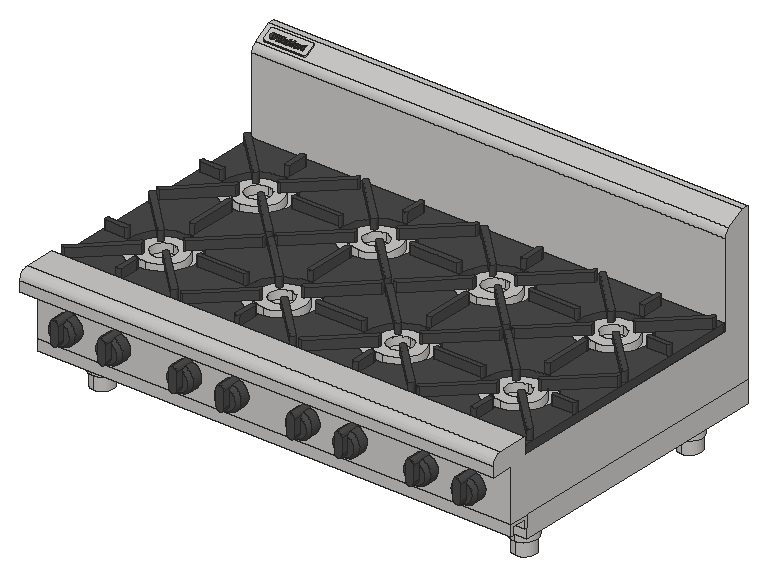
Revit family "QF_MOFFAT WALDORF_RN8800G-B", category Specialty Equipment, Revit 2012 (continued)
Lines and regions (mm)
  symbolic lines
    curve 68: arc (150, -180.5, 0) -> (93, -237.5, 0) -> (150, -294.5, 0) r 57
    curve 69: arc (450, -321.582, 0) -> (365.918, -237.5, 0) -> (450, -153.418, 0) r 84.082
    curve 70: arc (450, -153.418, 0) -> (534.082, -237.5, 0) -> (450, -321.582, 0) r 84.082
    curve 71: arc (450, -180.5, 0) -> (393, -237.5, 0) -> (450, -294.5, 0) r 57
    curve 72: arc (450, -294.5, 0) -> (507, -237.5, 0) -> (450, -180.5, 0) r 57
    curve 73: arc (450, -621.582, 0) -> (365.918, -537.5, 0) -> (450, -453.418, 0) r 84.082
    curve 74: arc (450, -453.418, 0) -> (534.082, -537.5, 0) -> (450, -621.582, 0) r 84.082
    curve 75: arc (450, -480.5, 0) -> (393, -537.5, 0) -> (450, -594.5, 0) r 57
    curve 76: arc (450, -594.5, 0) -> (507, -537.5, 0) -> (450, -480.5, 0) r 57
    curve 77: arc (150, -453.418, 0) -> (234.082, -537.5, 0) -> (150, -621.582, 0) r 84.082
    curve 78: arc (150, -621.582, 0) -> (65.918, -537.5, 0) -> (150, -453.418, 0) r 84.082
    curve 79: arc (150, -594.5, 0) -> (207, -537.5, 0) -> (150, -480.5, 0) r 57
    curve 80: arc (150, -480.5, 0) -> (93, -537.5, 0) -> (150, -594.5, 0) r 57
    curve 81: arc (750, -153.418, 0) -> (834.082, -237.5, 0) -> (750, -321.582, 0) r 84.082
    curve 82: arc (750, -321.582, 0) -> (665.918, -237.5, 0) -> (750, -153.418, 0) r 84.082
    curve 83: arc (750, -294.5, 0) -> (807, -237.5, 0) -> (750, -180.5, 0) r 57
    curve 84: arc (750, -180.5, 0) -> (693, -237.5, 0) -> (750, -294.5, 0) r 57
    curve 85: arc (750, -453.418, 0) -> (834.082, -537.5, 0) -> (750, -621.582, 0) r 84.082
    curve 86: arc (750, -621.582, 0) -> (665.918, -537.5, 0) -> (750, -453.418, 0) r 84.082
    curve 87: arc (750, -594.5, 0) -> (807, -537.5, 0) -> (750, -480.5, 0) r 57
    curve 88: arc (750, -480.5, 0) -> (693, -537.5, 0) -> (750, -594.5, 0) r 57
    curve 89: arc (1050, -321.582, 0) -> (965.918, -237.5, 0) -> (1050, -153.418, 0) r 84.082
    curve 90: arc (1050, -153.418, 0) -> (1134.082, -237.5, 0) -> (1050, -321.582, 0) r 84.082
    curve 91: arc (1050, -294.5, 0) -> (1107, -237.5, 0) -> (1050, -180.5, 0) r 57
    curve 92: arc (1050, -180.5, 0) -> (993, -237.5, 0) -> (1050, -294.5, 0) r 57
    curve 93: arc (1050, -621.582, 0) -> (965.918, -537.5, 0) -> (1050, -453.418, 0) r 84.082
    curve 94: arc (1050, -453.418, 0) -> (1134.082, -537.5, 0) -> (1050, -621.582, 0) r 84.082
    curve 95: arc (1050, -480.5, 0) -> (993, -537.5, 0) -> (1050, -594.5, 0) r 57
    curve 96: arc (1050, -594.5, 0) -> (1107, -537.5, 0) -> (1050, -480.5, 0) r 57
    curve 97: line (149.548, -91.559, 0) -> (149.548, -150.474, 0)
    curve 98: line (292.985, -93.673, 0) -> (177.661, -208.996, 0)
    curve 99: line (6.308, -93.805, 0) -> (122.981, -210.478, 0)
    curve 100: line (4.051, -237.21, 0) -> (62.934, -237.21, 0)
    curve 101: line (237.206, -237.685, 0) -> (362.206, -237.685, 0)
    curve 102: line (177.414, -264.855, 0) -> (292.362, -379.803, 0)
    curve 103: line (121.919, -265.123, 0) -> (7.026, -380.016, 0)
    curve 104: line (149.925, -324.847, 0) -> (149.925, -444.847, 0)
    curve 105: line (149.548, -683.441, 0) -> (149.548, -624.526, 0)
    curve 106: line (292.985, -681.327, 0) -> (177.661, -566.004, 0)
    curve 107: line (6.308, -681.195, 0) -> (122.981, -564.522, 0)
    curve 108: line (4.051, -537.79, 0) -> (62.934, -537.79, 0)
    curve 109: line (237.206, -537.315, 0) -> (362.206, -537.315, 0)
    curve 110: line (177.414, -510.145, 0) -> (292.362, -395.197, 0)
    curve 111: line (121.919, -509.877, 0) -> (7.026, -394.984, 0)
    curve 112: line (450.452, -91.559, 0) -> (450.452, -150.474, 0)
    curve 113: line (307.015, -93.673, 0) -> (422.339, -208.996, 0)
    curve 114: line (593.692, -93.805, 0) -> (477.019, -210.478, 0)
    curve 115: line (422.586, -264.855, 0) -> (307.638, -379.803, 0)
    curve 116: line (478.081, -265.123, 0) -> (592.974, -380.016, 0)
    curve 117: line (450.075, -324.847, 0) -> (450.075, -444.847, 0)
    curve 118: line (450.452, -683.441, 0) -> (450.452, -624.526, 0)
    curve 119: line (307.015, -681.327, 0) -> (422.339, -566.004, 0)
    curve 120: line (593.692, -681.195, 0) -> (477.019, -564.522, 0)
    curve 121: line (362.794, -537.315, 0) -> (237.794, -537.315, 0)
    curve 122: line (422.586, -510.145, 0) -> (307.638, -395.197, 0)
    curve 123: line (478.081, -509.877, 0) -> (592.974, -394.984, 0)
    curve 124: arc (1050, -153.418, 0) -> (965.918, -237.5, 0) -> (1050, -321.582, 0) r 84.082
    curve 125: arc (1050, -321.582, 0) -> (1134.082, -237.5, 0) -> (1050, -153.418, 0) r 84.082
    curve 126: arc (1050, -294.5, 0) -> (993, -237.5, 0) -> (1050, -180.5, 0) r 57
    curve 127: arc (1050, -180.5, 0) -> (1107, -237.5, 0) -> (1050, -294.5, 0) r 57
    curve 128: arc (750, -321.582, 0) -> (834.082, -237.5, 0) -> (750, -153.418, 0) r 84.082
    curve 129: arc (750, -153.418, 0) -> (665.918, -237.5, 0) -> (750, -321.582, 0) r 84.082
    curve 130: arc (750, -180.5, 0) -> (807, -237.5, 0) -> (750, -294.5, 0) r 57
    curve 131: arc (750, -294.5, 0) -> (693, -237.5, 0) -> (750, -180.5, 0) r 57
    curve 132: arc (750, -621.582, 0) -> (834.082, -537.5, 0) -> (750, -453.418, 0) r 84.082
    curve 133: arc (750, -453.418, 0) -> (665.918, -537.5, 0) -> (750, -621.582, 0) r 84.082
    curve 134: arc (750, -480.5, 0) -> (807, -537.5, 0) -> (750, -594.5, 0) r 57
    curve 135: arc (750, -594.5, 0) -> (693, -537.5, 0) -> (750, -480.5, 0) r 57
    curve 136: arc (1050, -453.418, 0) -> (965.918, -537.5, 0) -> (1050, -621.582, 0) r 84.082
    curve 137: arc (1050, -621.582, 0) -> (1134.082, -537.5, 0) -> (1050, -453.418, 0) r 84.082
    curve 138: arc (1050, -594.5, 0) -> (993, -537.5, 0) -> (1050, -480.5, 0) r 57
    curve 139: arc (1050, -480.5, 0) -> (1107, -537.5, 0) -> (1050, -594.5, 0) r 57
    curve 140: line (1050.452, -91.559, 0) -> (1050.452, -150.474, 0)
    curve 141: line (907.015, -93.673, 0) -> (1022.339, -208.996, 0)
    curve 142: line (1195.949, -237.21, 0) -> (1137.066, -237.21, 0)
    curve 143: line (962.794, -237.685, 0) -> (837.794, -237.685, 0)
    curve 144: line (1022.586, -264.855, 0) -> (907.638, -379.803, 0)
    curve 145: line (1078.081, -265.123, 0) -> (1192.974, -380.016, 0)
    curve 146: line (1050.075, -324.847, 0) -> (1050.075, -444.847, 0)
    curve 147: line (1050.452, -683.441, 0) -> (1050.452, -624.526, 0)
    curve 148: line (907.015, -681.327, 0) -> (1022.339, -566.004, 0)
    curve 149: line (1193.692, -681.195, 0) -> (1077.019, -564.522, 0)
    curve 150: line (1195.949, -537.79, 0) -> (1137.066, -537.79, 0)
    curve 151: line (962.794, -537.315, 0) -> (837.794, -537.315, 0)
    curve 152: line (1022.586, -510.145, 0) -> (907.638, -395.197, 0)
    curve 153: line (1078.081, -509.877, 0) -> (1192.974, -394.984, 0)
    curve 154: line (749.548, -91.559, 0) -> (749.548, -150.474, 0)
    curve 155: line (892.985, -93.673, 0) -> (777.661, -208.996, 0)
    curve 156: line (606.308, -93.805, 0) -> (722.981, -210.478, 0)
    curve 157: line (777.414, -264.855, 0) -> (892.362, -379.803, 0)
    curve 158: line (721.919, -265.123, 0) -> (607.026, -380.016, 0)
    curve 159: line (749.925, -324.847, 0) -> (749.925, -444.847, 0)
    curve 160: line (749.548, -683.441, 0) -> (749.548, -624.526, 0)
    curve 161: line (892.985, -681.327, 0) -> (777.661, -566.004, 0)
    curve 162: line (606.308, -681.195, 0) -> (722.981, -564.522, 0)
    curve 163: line (837.206, -537.315, 0) -> (962.206, -537.315, 0)
    curve 164: line (777.414, -510.145, 0) -> (892.362, -395.197, 0)
    curve 165: line (721.919, -509.877, 0) -> (607.026, -394.984, 0)
    curve 166: line (1192.985, -93.673, 0) -> (1077.661, -208.996, 0)
    curve 167: line (537.5, -237.685, 0) -> (662.5, -237.685, 0)
    curve 168: line (663.089, -537.315, 0) -> (538.089, -537.315, 0)
    curve 169: line (0, -387.5, 0) -> (1200, -387.5, 0)
    curve 170: line (300.379, -70, 0) -> (300.379, -705, 0)
    curve 171: line (600, -70, 0) -> (600, -705, 0)
    curve 172: line (900, -70, 0) -> (900, -705, 0)
    curve 173: line (1200, -805, 0) -> (1200, 0, 0)
    curve 174: line (0, -805, 0) -> (1200, -805, 0)
    curve 175: line (0, 0, 0) -> (0, -805, 0)
    curve 176: line (1200, -705, 0) -> (0, -705, 0)
    curve 177: line (0, -70, 0) -> (1200, -70, 0)
    curve 178: line (1200, 0, 0) -> (0, 0, 0)
    curve 179: arc (150, -207.5, 0) -> (180, -237.5, 0) -> (150, -267.5, 0) r 30
    curve 180: arc (150, -267.5, 0) -> (120, -237.5, 0) -> (150, -207.5, 0) r 30
    curve 181: arc (450, -207.5, 0) -> (480, -237.5, 0) -> (450, -267.5, 0) r 30
    curve 182: arc (450, -267.5, 0) -> (420, -237.5, 0) -> (450, -207.5, 0) r 30
    curve 183: arc (750, -207.5, 0) -> (780, -237.5, 0) -> (750, -267.5, 0) r 30
    curve 184: arc (750, -267.5, 0) -> (720, -237.5, 0) -> (750, -207.5, 0) r 30
    curve 185: arc (1050, -207.5, 0) -> (1080, -237.5, 0) -> (1050, -267.5, 0) r 30
    curve 186: arc (1050, -267.5, 0) -> (1020, -237.5, 0) -> (1050, -207.5, 0) r 30
    curve 187: arc (1050, -567.5, 0) -> (1020, -537.5, 0) -> (1050, -507.5, 0) r 30
    curve 188: arc (1050, -507.5, 0) -> (1080, -537.5, 0) -> (1050, -567.5, 0) r 30
    curve 189: arc (750, -507.5, 0) -> (780, -537.5, 0) -> (750, -567.5, 0) r 30
    curve 190: arc (750, -567.5, 0) -> (720, -537.5, 0) -> (750, -507.5, 0) r 30
    curve 191: arc (450, -507.5, 0) -> (480, -537.5, 0) -> (450, -567.5, 0) r 30
    curve 192: arc (450, -567.5, 0) -> (420, -537.5, 0) -> (450, -507.5, 0) r 30
    curve 193: arc (150, -507.5, 0) -> (180, -537.5, 0) -> (150, -567.5, 0) r 30
    curve 194: arc (150, -567.5, 0) -> (120, -537.5, 0) -> (150, -507.5, 0) r 30
Dimensions and locks
  equal spacing: plane 3 "LEFT", plane 7 "Center Y", plane 4 "RIGHT"
  plane 3 "LEFT" to plane 4 "RIGHT" = 1200.0 mm
  equal spacing: plane 5 "FRONT", plane 8 "Center X", plane 1 "BACK"
  plane 5 "FRONT" to plane 1 "BACK" = 805.0 mm
  "Base Height": plane 9 "Base Height" to level
  locked: plane 6 "TOP" to plane 9 "Base Height" at 450
  plane 6 "TOP" to level = 530.0 mm
  Extrusion 9 sketch curve to plane 10 = 64.8 mm
  level to Extrusion 6 = 55.0 mm
  locked: Extrusion 6 to plane 9 "Base Height" at 25
  Revolve 15 sketch curve to Revolve 15 sketch curve to Revolve 17 to cut or joined group of Revolve 13, Extrusion 14 = 11.0 mm locked, 23.0 mm locked, 10.0 mm locked
  plane 11 to plane 12 = 1069.0 mm
  aligned and locked: level to plane 2
  aligned and locked: plane 9 "Base Height" to Extrusion 6
  aligned and locked: Revolve 3 sketch curve to plane 9 "Base Height"
  aligned and locked: Extrusion 1 to Revolve 15 sketch curve
Automatic sketch dimensions
  plane 1 "BACK" to Extrusion 6 sketch curve = 32.0 mm
  Extrusion 6 sketch curve to plane 11 = 64.0 mm
  curve 65 to curve 67 = 0.0 mm  (x2)
  curve 69 to curve 71 = 0.0 mm  (x2)
  curve 73 to curve 75 = 0.0 mm
  curve 74 to curve 76 = 0.0 mm
  curve 77 to curve 79 = 0.0 mm  (x2)
  curve 81 to curve 83 = 0.0 mm  (x2)
  curve 81 to curve 128 = 0.0 mm  (x3)
  curve 81 to curve 130 = 0.0 mm  (x2)
  curve 85 to curve 87 = 0.0 mm  (x2)
  curve 85 to curve 132 = 0.0 mm
  curve 85 to curve 134 = 0.0 mm  (x2)
  curve 86 to curve 133 = 0.0 mm
  curve 89 to curve 91 = 0.0 mm  (x2)
  curve 90 to curve 127 = 0.0 mm
  curve 91 to curve 126 = 0.0 mm  (x2)
  curve 93 to curve 95 = 0.0 mm  (x2)
  curve 94 to curve 136 = 0.0 mm
  curve 96 to curve 139 = 0.0 mm
  curve 125 to curve 127 = 0.0 mm  (x2)
  curve 137 to curve 139 = 0.0 mm  (x2)
  curve 171 to plane 7 "Center Y" = 0.0 mm
  curve 169 to plane 4 "RIGHT" = 0.0 mm
  plane 3 "LEFT" to curve 100 = 4.051 mm
  plane 3 "LEFT" to curve 108 = 4.051 mm
  plane 3 "LEFT" to curve 107 = 6.308 mm
  plane 3 "LEFT" to curve 99 = 6.308 mm
  plane 3 "LEFT" to curve 111 = 7.026 mm
  plane 3 "LEFT" to curve 103 = 7.026 mm
  plane 3 "LEFT" to curve 3 = 12.5 mm
  curve 100 to plane 12 = 2.066 mm
  curve 108 to plane 12 = 2.066 mm
  plane 12 to curve 4 = 56.5 mm
  plane 12 to curve 103 = 56.919 mm
  plane 12 to curve 111 = 56.919 mm
  curve 111 to curve 107 = 1.062 mm
  curve 103 to curve 99 = 1.062 mm
  curve 99 to curve 97 = 26.567 mm
  plane 12 to curve 105 = 84.548 mm
  curve 2 to curve 5 = 28.062 mm
  curve 103 to curve 104 = 28.006 mm
  curve 104 to curve 80 = 0.075 mm
  curve 104 to curve 68 = 0.075 mm
  curve 5 to curve 7 = 20.0 mm
  curve 65 to curve 102 = 27.414 mm
  curve 77 to curve 110 = 27.414 mm
  curve 67 to curve 98 = 27.661 mm
  curve 79 to curve 106 = 27.661 mm
  curve 6 to curve 9 = 40.0 mm
  curve 9 to curve 12 = 20.0 mm
  curve 102 to curve 101 = 59.792 mm
  curve 110 to curve 109 = 59.792 mm
  curve 109 to curve 121 = 0.589 mm  (x2)
  curve 10 to curve 13 = 40.0 mm
  curve 13 to curve 16 = 20.0 mm
  plane 8 "Center X" to curve 110 = 7.303 mm
  curve 104 to curve 110 = 142.437 mm
  plane 8 "Center X" to curve 102 = 22.697 mm
  curve 102 to curve 110 = 0.0 mm
  curve 105 to curve 106 = 143.437 mm
  plane 1 "BACK" to curve 98 = 93.673 mm
  curve 14 to curve 98 = 3.422 mm
  curve 14 to curve 170 = 10.817 mm
  curve 98 to curve 113 = 14.03 mm
  curve 106 to curve 119 = 14.03 mm
  plane 8 "Center X" to curve 122 = 7.303 mm
  curve 110 to curve 122 = 15.277 mm
  plane 8 "Center X" to curve 115 = 22.697 mm
  curve 102 to curve 115 = 15.277 mm
  curve 15 to curve 20 = 40.0 mm
  curve 17 to curve 19 = 20.0 mm
  curve 101 to curve 101 = 125.0 mm
  curve 121 to curve 109 = 124.411 mm
  curve 19 to curve 22 = 40.0 mm
  curve 21 to curve 23 = 20.0 mm
  curve 101 to curve 113 = 60.133 mm
  curve 121 to curve 119 = 59.544 mm
  curve 113 to curve 115 = 0.248 mm
  curve 119 to curve 122 = 0.248 mm
  curve 22 to curve 25 = 40.0 mm
  curve 122 to curve 73 = 27.414 mm
  curve 113 to curve 72 = 27.661 mm
  curve 74 to curve 117 = 0.075 mm
  curve 70 to curve 112 = 0.452 mm
  curve 73 to curve 118 = 0.452 mm
  curve 25 to curve 27 = 20.0 mm
  curve 73 to curve 120 = 27.019 mm
  curve 69 to curve 114 = 27.019 mm
  curve 73 to curve 123 = 28.081 mm
  curve 69 to curve 116 = 28.081 mm
  curve 26 to curve 30 = 40.0 mm
  curve 29 to curve 31 = 20.0 mm
  curve 167 to plane 7 "Center Y" = 62.5 mm
  curve 168 to plane 7 "Center Y" = 61.911 mm
  curve 33 to plane 7 "Center Y" = 30.437 mm
  curve 35 to plane 7 "Center Y" = 10.437 mm
  curve 123 to plane 7 "Center Y" = 7.026 mm
  curve 116 to plane 7 "Center Y" = 7.026 mm
  curve 120 to plane 7 "Center Y" = 6.308 mm
  curve 114 to plane 7 "Center Y" = 6.308 mm
  plane 7 "Center Y" to curve 156 = 6.308 mm
  plane 7 "Center Y" to curve 162 = 6.308 mm
  plane 7 "Center Y" to curve 165 = 7.026 mm
  plane 7 "Center Y" to curve 158 = 7.026 mm
  plane 7 "Center Y" to curve 37 = 29.563 mm
  curve 37 to curve 38 = 20.0 mm
  plane 7 "Center Y" to curve 167 = 62.5 mm
  plane 7 "Center Y" to curve 168 = 63.089 mm
  curve 38 to curve 41 = 40.0 mm
  curve 41 to curve 43 = 20.0 mm
  curve 167 to curve 158 = 59.419 mm
  curve 168 to curve 165 = 58.83 mm
  curve 158 to curve 156 = 1.062 mm
  curve 165 to curve 162 = 1.062 mm
  curve 162 to curve 160 = 26.567 mm
  curve 156 to curve 154 = 26.567 mm
  curve 43 to curve 45 = 40.0 mm
  curve 158 to curve 159 = 28.006 mm
  curve 159 to curve 128 = 0.075 mm
  curve 162 to curve 133 = 27.019 mm
  curve 45 to curve 47 = 20.0 mm
  curve 85 to curve 164 = 27.414 mm
  curve 81 to curve 157 = 27.414 mm
  curve 84 to curve 155 = 27.661 mm
  curve 134 to curve 161 = 27.661 mm
  curve 47 to curve 50 = 40.0 mm
  curve 49 to curve 51 = 20.0 mm
  curve 164 to curve 163 = 59.792 mm
  curve 163 to curve 151 = 0.589 mm  (x2)
  curve 157 to curve 143 = 60.381 mm
  curve 51 to curve 53 = 40.0 mm
  curve 53 to curve 55 = 20.0 mm
  plane 8 "Center X" to curve 164 = 7.303 mm
  curve 159 to curve 164 = 142.437 mm
  plane 8 "Center X" to curve 157 = 22.697 mm
  curve 157 to curve 164 = 0.0 mm
  curve 160 to curve 161 = 143.437 mm
  plane 1 "BACK" to curve 155 = 93.673 mm
  curve 54 to curve 155 = 3.422 mm
  curve 54 to curve 172 = 10.438 mm
  curve 161 to curve 148 = 14.03 mm
  plane 1 "BACK" to curve 141 = 93.673 mm
  curve 155 to curve 141 = 14.03 mm
  plane 8 "Center X" to curve 144 = 22.697 mm
  curve 157 to curve 144 = 15.277 mm
  plane 8 "Center X" to curve 152 = 7.303 mm
  curve 164 to curve 152 = 15.277 mm
  curve 55 to curve 58 = 40.0 mm
  curve 57 to curve 60 = 20.0 mm
  curve 151 to curve 163 = 124.411 mm
  curve 143 to curve 143 = 125.0 mm
  curve 59 to curve 62 = 40.0 mm
  curve 61 to curve 63 = 20.0 mm
  curve 143 to curve 141 = 59.544 mm
  curve 151 to curve 148 = 59.544 mm
  curve 148 to curve 152 = 0.248 mm
  curve 141 to curve 144 = 0.248 mm
  curve 148 to curve 139 = 27.661 mm
  curve 144 to curve 92 = 27.414 mm
  curve 125 to curve 146 = 0.075 mm
  curve 137 to curve 147 = 0.452 mm
  curve 62 to curve 140 = 40.89 mm
  curve 136 to curve 149 = 27.019 mm
  curve 126 to curve 166 = 27.661 mm
  curve 136 to curve 153 = 28.081 mm
  curve 124 to curve 145 = 28.081 mm
  plane 11 to curve 150 = 3.066 mm
  plane 11 to curve 142 = 3.066 mm
  plane 4 "RIGHT" to curve 145 = 7.026 mm
  plane 4 "RIGHT" to curve 153 = 7.026 mm
  plane 4 "RIGHT" to curve 166 = 7.015 mm
  plane 4 "RIGHT" to curve 149 = 6.308 mm
  plane 4 "RIGHT" to curve 150 = 4.051 mm
  plane 4 "RIGHT" to curve 142 = 4.051 mm
  curve 159 to plane 8 "Center X" = 42.347 mm
  curve 146 to plane 8 "Center X" = 42.347 mm
  curve 117 to plane 8 "Center X" = 42.347 mm
  curve 104 to plane 8 "Center X" = 42.347 mm
  curve 94 to curve 146 = 8.57 mm
  curve 73 to curve 117 = 8.57 mm
  curve 86 to curve 159 = 8.57 mm
  curve 137 to curve 94 = 0.0 mm
  curve 77 to curve 104 = 8.57 mm
  curve 133 to curve 86 = 0.0 mm
  curve 79 to curve 77 = 27.082 mm
  curve 96 to curve 93 = 27.082 mm
  curve 88 to curve 85 = 27.082 mm
  curve 75 to curve 73 = 27.082 mm
  curve 139 to curve 95 = 0.0 mm
  curve 135 to curve 87 = 0.0 mm
  curve 153 to curve 138 = 29.377 mm
  curve 123 to curve 75 = 29.377 mm
  curve 111 to curve 79 = 29.377 mm
  curve 165 to curve 134 = 29.377 mm
  curve 152 to curve 95 = 29.645 mm
  curve 122 to curve 76 = 29.645 mm
  curve 110 to curve 79 = 29.645 mm
  curve 164 to curve 88 = 29.645 mm
  curve 168 to curve 165 = 27.439 mm
  curve 151 to curve 164 = 27.171 mm
  curve 109 to curve 110 = 27.171 mm
  curve 163 to curve 151 = 0.0 mm
  curve 109 to curve 121 = 0.0 mm
  curve 73 to curve 122 = 27.355 mm
  curve 133 to curve 164 = 27.355 mm
  curve 95 to curve 152 = 27.355 mm
  curve 77 to curve 110 = 27.355 mm
  curve 150 to curve 153 = 27.913 mm
  curve 108 to curve 111 = 27.913 mm
  curve 149 to curve 136 = 27.022 mm
  curve 107 to curve 77 = 27.022 mm
  curve 120 to curve 73 = 27.022 mm
  curve 162 to curve 85 = 27.022 mm
  curve 95 to curve 148 = 28.496 mm
  curve 79 to curve 106 = 28.496 mm
  curve 75 to curve 119 = 28.496 mm
  curve 134 to curve 161 = 28.496 mm
  curve 118 to curve 74 = 2.944 mm
  curve 160 to curve 133 = 2.944 mm
  curve 105 to curve 78 = 2.944 mm
  curve 147 to curve 137 = 2.944 mm
  curve 107 to plane 5 "FRONT" = 123.805 mm
  curve 120 to curve 162 = 0.0 mm
  curve 149 to plane 5 "FRONT" = 123.805 mm
  curve 161 to curve 148 = 0.0 mm
  curve 106 to plane 5 "FRONT" = 123.673 mm
  curve 106 to curve 119 = 0.0 mm
  curve 105 to curve 105 = 58.914 mm
  curve 147 to curve 147 = 58.914 mm
  curve 118 to curve 118 = 58.914 mm
  curve 160 to curve 160 = 58.914 mm
  curve 172 to curve 148 = 23.673 mm
  curve 170 to curve 119 = 23.673 mm
  curve 171 to curve 162 = 23.805 mm
  plane 8 "Center X" to curve 123 = 7.516 mm
  plane 8 "Center X" to curve 153 = 7.516 mm
  plane 8 "Center X" to curve 165 = 7.516 mm
  plane 8 "Center X" to curve 111 = 7.516 mm
  curve 153 to curve 169 = 7.484 mm
  curve 165 to curve 158 = 14.968 mm
  curve 169 to curve 103 = 7.484 mm
  curve 169 to curve 145 = 7.484 mm
  curve 116 to curve 158 = 0.0 mm
  plane 8 "Center X" to curve 117 = 77.653 mm
  plane 8 "Center X" to curve 104 = 77.653 mm
  plane 8 "Center X" to curve 159 = 77.653 mm
  plane 8 "Center X" to curve 146 = 77.653 mm
  curve 104 to curve 65 = 3.265 mm
  curve 159 to curve 128 = 3.265 mm
  curve 146 to curve 90 = 3.265 mm
  curve 117 to curve 70 = 3.265 mm
  curve 125 to curve 90 = 0.0 mm
  curve 81 to curve 130 = 27.082 mm
  curve 84 to curve 131 = 0.0 mm
  curve 89 to curve 126 = 27.082 mm
  curve 65 to curve 68 = 27.082 mm
  curve 69 to curve 72 = 27.082 mm
  curve 127 to curve 145 = 29.377 mm
  curve 84 to curve 158 = 29.377 mm
  curve 68 to curve 103 = 29.377 mm
  curve 72 to curve 116 = 29.377 mm
  curve 130 to curve 157 = 29.645 mm
  curve 92 to curve 144 = 29.645 mm
  curve 67 to curve 102 = 29.645 mm
  curve 71 to curve 115 = 29.645 mm
  curve 102 to curve 101 = 27.171 mm
  curve 157 to curve 143 = 27.171 mm
  curve 116 to curve 167 = 27.439 mm
  curve 102 to curve 68 = 27.355 mm
  curve 115 to curve 69 = 27.355 mm
  curve 157 to curve 83 = 27.355 mm
  curve 144 to curve 127 = 27.355 mm
  curve 103 to curve 100 = 27.913 mm
  curve 145 to curve 142 = 27.913 mm
  curve 81 to curve 156 = 27.022 mm
  curve 69 to curve 114 = 27.022 mm
  curve 65 to curve 99 = 27.022 mm
  curve 166 to curve 126 = 28.496 mm
  curve 98 to curve 67 = 28.496 mm
  curve 113 to curve 72 = 28.496 mm
  curve 155 to curve 84 = 28.496 mm
  curve 141 to curve 91 = 28.496 mm
  curve 82 to curve 154 = 2.944 mm
  curve 66 to curve 97 = 2.944 mm
  curve 125 to curve 140 = 2.944 mm
  curve 70 to curve 112 = 2.944 mm
  plane 1 "BACK" to curve 99 = 93.805 mm
  curve 114 to curve 156 = 0.0 mm
  plane 1 "BACK" to curve 166 = 93.673 mm
  curve 97 to curve 97 = 58.914 mm
  curve 112 to curve 112 = 58.914 mm
  curve 154 to curve 154 = 58.914 mm
  curve 140 to curve 140 = 58.914 mm
  curve 156 to curve 171 = 23.805 mm
  curve 141 to curve 172 = 23.673 mm
  curve 113 to curve 170 = 23.673 mm
  curve 97 to curve 2 = 39.499 mm
  curve 170 to curve 18 = 19.218 mm
  plane 1 "BACK" to curve 41 = 50.782 mm
  plane 1 "BACK" to curve 62 = 50.782 mm
  curve 18 to curve 21 = 0.0 mm
  curve 42 to curve 45 = 0.0 mm
  curve 23 to curve 25 = 0.0 mm
  curve 47 to curve 49 = 0.0 mm
  curve 26 to curve 29 = 0.0 mm
  curve 39 to curve 41 = 0.0 mm
  curve 171 to curve 33 = 19.218 mm
  curve 2 to curve 5 = 1.278 mm
  curve 172 to curve 53 = 19.218 mm
  curve 172 to curve 57 = 19.218 mm
  curve 170 to curve 15 = 19.218 mm
  curve 7 to curve 12 = 0.0 mm
  plane 1 "BACK" to curve 1 = 21.784 mm
  plane 1 "BACK" to curve 63 = 20.984 mm
  plane 1 "BACK" to curve 39 = 20.984 mm
  plane 1 "BACK" to curve 9 = 20.984 mm
  plane 1 "BACK" to curve 7 = 20.984 mm
  plane 1 "BACK" to curve 13 = 20.984 mm
  plane 1 "BACK" to curve 35 = 20.984 mm
  plane 1 "BACK" to curve 59 = 20.984 mm
  plane 1 "BACK" to curve 56 = 20.984 mm
  plane 1 "BACK" to curve 52 = 20.984 mm
  plane 1 "BACK" to curve 17 = 20.984 mm
  plane 1 "BACK" to curve 32 = 20.984 mm
  plane 1 "BACK" to curve 28 = 20.984 mm
  plane 1 "BACK" to curve 23 = 20.984 mm
  plane 1 "BACK" to curve 47 = 20.984 mm
  plane 1 "BACK" to curve 44 = 20.984 mm
  Extrusion 1 sketch curve to plane 5 "FRONT" = 0.0 mm
  Extrusion 1 sketch curve to plane 9 "Base Height" = 0.0 mm
  Extrusion 1 sketch curve to plane 6 "TOP" = 0.0 mm
  Extrusion 1 sketch curve to plane 1 "BACK" = 0.0 mm  (x2)
  Extrusion 1 sketch curve to plane 5 "FRONT" = 24.0 mm
  Extrusion 1 sketch curve to plane 5 "FRONT" = 56.0 mm
  Extrusion 1 sketch curve to Extrusion 1 sketch curve = 0.0 mm  (x2)
  Extrusion 1 sketch curve to Extrusion 1 sketch curve = 6.4 mm  (x3)
  Extrusion 1 sketch curve to Extrusion 1 sketch curve = 36.2 mm
  Extrusion 1 sketch curve to Extrusion 1 sketch curve = 44.0 mm
  Extrusion 1 sketch curve to Extrusion 1 sketch curve = 1.0 mm
  plane 1 "BACK" to Extrusion 1 sketch curve = 70.0 mm
  Extrusion 1 sketch curve to plane 6 "TOP" = 24.369 mm
  Extrusion 1 sketch curve to Extrusion 1 sketch curve = 11.291 mm  (x2)
  Extrusion 1 sketch curve to Extrusion 1 sketch curve = 16.5 mm
  plane 9 "Base Height" to Extrusion 1 sketch curve = 27.019 mm  (x2)
  Extrusion 1 sketch curve to Extrusion 1 sketch curve = 20.787 mm
  Extrusion 1 sketch curve to Extrusion 1 sketch curve = 0.794 mm
  Extrusion 1 sketch curve to Extrusion 1 sketch curve = 131.0 mm
  Extrusion 1 sketch curve to Extrusion 1 sketch curve = 140.0 mm
  Extrusion 1 sketch curve to Extrusion 1 sketch curve = 25.0 mm
  Revolve 2 sketch curve to plane 9 "Base Height" = 0.0 mm
  Revolve 2 sketch curve to level = 0.0 mm
  level to Revolve 2 sketch curve = 35.0 mm
  plane 1 "BACK" to Revolve 2 sketch curve = 131.75 mm
  Revolve 2 sketch curve to Revolve 2 sketch curve = 4.25 mm
  Revolve 2 sketch curve to Revolve 2 sketch curve = 27.5 mm
  Revolve 2 sketch curve to Revolve 2 sketch curve = 0.0 mm
  Revolve 2 sketch curve to Revolve 2 sketch curve = 30.0 mm
  Revolve 2 sketch curve to Revolve 2 sketch curve = 55.0 mm
  Revolve 3 sketch curve to level = 0.0 mm
  level to Revolve 3 sketch curve = 35.0 mm
  plane 1 "BACK" to Revolve 3 sketch curve = 131.75 mm
  Revolve 3 sketch curve to Revolve 3 sketch curve = 4.25 mm
  Revolve 3 sketch curve to Revolve 3 sketch curve = 27.5 mm
  Revolve 3 sketch curve to Revolve 3 sketch curve = 0.0 mm
  Revolve 3 sketch curve to Revolve 3 sketch curve = 55.0 mm
  Revolve 3 sketch curve to plane 9 "Base Height" = 30.0 mm
  Revolve 4 sketch curve to plane 5 "FRONT" = 56.0 mm
  Revolve 4 sketch curve to Revolve 4 sketch curve = 10.0 mm
  Revolve 4 sketch curve to Revolve 4 sketch curve = 21.3 mm
  Revolve 4 sketch curve to plane 5 "FRONT" = 23.0 mm
  Revolve 4 sketch curve to plane 5 "FRONT" = 12.0 mm
  Revolve 4 sketch curve to Revolve 4 sketch curve = 0.0 mm  (x2)
  plane 9 "Base Height" to Revolve 4 sketch curve = 117.105 mm
  Revolve 4 sketch curve to Revolve 4 sketch curve = 5.0 mm
  Revolve 4 sketch curve to Revolve 4 sketch curve = 26.651 mm
  Revolve 4 sketch curve to Revolve 4 sketch curve = 5.849 mm
  plane 12 to Extrusion 5 sketch curve = 135.0 mm
  Extrusion 5 sketch curve to Extrusion 5 sketch curve = 10.0 mm
  plane 9 "Base Height" to Extrusion 5 sketch curve = 105.003 mm
  Extrusion 5 sketch curve to Extrusion 5 sketch curve = 38.997 mm
  Revolve 7 sketch curve to plane 5 "FRONT" = 12.0 mm
  Revolve 7 sketch curve to Revolve 7 sketch curve = 0.0 mm  (x2)
  Revolve 7 sketch curve to Revolve 7 sketch curve = 11.0 mm
  Revolve 7 sketch curve to Revolve 7 sketch curve = 12.7 mm
  Revolve 7 sketch curve to Revolve 7 sketch curve = 23.0 mm
  Revolve 7 sketch curve to Revolve 7 sketch curve = 10.0 mm
  plane 9 "Base Height" to Revolve 7 sketch curve = 149.373 mm
  Revolve 7 sketch curve to Revolve 7 sketch curve = 5.849 mm
  Revolve 7 sketch curve to Revolve 7 sketch curve = 27.5 mm
  Revolve 7 sketch curve to Revolve 7 sketch curve = 5.0 mm
  plane 12 to Extrusion 8 sketch curve = 35.0 mm
  Extrusion 8 sketch curve to Extrusion 8 sketch curve = 10.0 mm
  plane 9 "Base Height" to Extrusion 8 sketch curve = 144.0 mm
  Extrusion 8 sketch curve to Extrusion 8 sketch curve = 39.0 mm
  Extrusion 1 to Extrusion 9 sketch curve = 1.0 mm  (x2)
  Extrusion 9 sketch curve to Extrusion 9 sketch curve = 3.0 mm
  Extrusion 1 to Extrusion 9 sketch curve = 4.0 mm
  Extrusion 1 to Extrusion 9 sketch curve = 167.5 mm  (x4)
  Extrusion 9 sketch curve to Extrusion 1 = 167.5 mm  (x4)
  Extrusion 9 sketch curve to Extrusion 1 = 4.0 mm  (x2)
  Extrusion 9 sketch curve to Extrusion 1 = 1.0 mm
  Extrusion 1 to Extrusion 9 sketch curve = 150.0 mm  (x4)
  Extrusion 9 sketch curve to Extrusion 9 sketch curve = 0.0 mm
  Extrusion 10 sketch curve to Extrusion 9 = 22.602 mm  (x8)
  Extrusion 10 sketch curve to Extrusion 9 = 25.398 mm  (x8)
  Extrusion 10 sketch curve to Extrusion 10 sketch curve = 4.525 mm  (x64)
  Extrusion 10 sketch curve to Extrusion 10 sketch curve = 49.204 mm  (x7)
  Extrusion 10 sketch curve to Extrusion 10 sketch curve = 55.923 mm  (x30)
  Extrusion 10 sketch curve to Extrusion 10 sketch curve = 0.0 mm  (x26)
  Extrusion 10 sketch curve to Extrusion 10 sketch curve = 20.524 mm  (x22)
  Extrusion 10 sketch curve to Extrusion 10 sketch curve = 6.4 mm  (x22)
  Extrusion 10 sketch curve to Extrusion 10 sketch curve = 53.847 mm  (x32)
  Extrusion 10 sketch curve to Extrusion 9 = 5.102 mm  (x5)
  Extrusion 10 sketch curve to Extrusion 10 sketch curve = 128.447 mm  (x14)
  Extrusion 10 sketch curve to Extrusion 9 = 14.153 mm  (x2)
  Extrusion 10 sketch curve to Extrusion 10 sketch curve = 12.205 mm  (x20)
  Extrusion 10 sketch curve to Extrusion 10 sketch curve = 116.204 mm  (x10)
  Extrusion 10 sketch curve to Extrusion 9 = 7.898 mm  (x4)
  Extrusion 10 sketch curve to Extrusion 9 = 31.653 mm  (x5)
  Extrusion 10 sketch curve to Extrusion 9 = 57.102 mm
  Extrusion 1 to Split face 1 sketch curve = 5.177 mm
  Split face 1 sketch curve to Extrusion 1 = 9.153 mm
  Split face 1 sketch curve to Extrusion 1 = 149.562 mm
  Split face 1 sketch curve to Split face 1 sketch curve = 20.0 mm
  Revolve 11 sketch curve to plane 5 "FRONT" = 56.0 mm
  Revolve 11 sketch curve to Revolve 11 sketch curve = 10.0 mm
  Revolve 11 sketch curve to Revolve 11 sketch curve = 21.3 mm
  Revolve 11 sketch curve to plane 5 "FRONT" = 23.0 mm
  Revolve 11 sketch curve to plane 5 "FRONT" = 12.0 mm
  Revolve 11 sketch curve to Revolve 11 sketch curve = 0.0 mm  (x2)
  plane 9 "Base Height" to Revolve 11 sketch curve = 117.105 mm
  Revolve 11 sketch curve to Revolve 11 sketch curve = 5.0 mm
  Revolve 11 sketch curve to Revolve 11 sketch curve = 26.651 mm
  Revolve 11 sketch curve to Revolve 11 sketch curve = 5.849 mm
  Extrusion 12 sketch curve to plane 7 "Center Y" = 100.0 mm
  Extrusion 12 sketch curve to Extrusion 12 sketch curve = 10.0 mm
  plane 9 "Base Height" to Extrusion 12 sketch curve = 105.003 mm
  Extrusion 12 sketch curve to Extrusion 12 sketch curve = 38.997 mm
  Revolve 13 sketch curve to plane 5 "FRONT" = 12.0 mm
  Revolve 13 sketch curve to Revolve 13 sketch curve = 0.0 mm  (x2)
  Revolve 13 sketch curve to Revolve 13 sketch curve = 11.0 mm
  Revolve 13 sketch curve to Revolve 13 sketch curve = 12.7 mm
  Revolve 13 sketch curve to Revolve 13 sketch curve = 23.0 mm
  Revolve 13 sketch curve to Revolve 13 sketch curve = 10.0 mm
  plane 9 "Base Height" to Revolve 13 sketch curve = 149.373 mm
  Revolve 13 sketch curve to Revolve 13 sketch curve = 5.849 mm
  Revolve 13 sketch curve to Revolve 13 sketch curve = 27.5 mm
  Revolve 13 sketch curve to Revolve 13 sketch curve = 5.0 mm
  Extrusion 14 sketch curve to plane 7 "Center Y" = 200.0 mm
  Extrusion 14 sketch curve to Extrusion 14 sketch curve = 10.0 mm
  plane 9 "Base Height" to Extrusion 14 sketch curve = 144.0 mm
  Extrusion 14 sketch curve to Extrusion 14 sketch curve = 39.0 mm
  Revolve 15 sketch curve to Revolve 15 sketch curve = 23.0 mm
  Revolve 15 sketch curve to Revolve 15 sketch curve = 12.7 mm
  Revolve 15 sketch curve to Revolve 15 sketch curve = 0.0 mm  (x2)
  plane 9 "Base Height" to Revolve 15 sketch curve = 117.105 mm
  Revolve 15 sketch curve to Revolve 15 sketch curve = 5.0 mm
  Revolve 15 sketch curve to Revolve 15 sketch curve = 26.651 mm
  Revolve 15 sketch curve to Revolve 15 sketch curve = 5.849 mm
  plane 7 "Center Y" to Extrusion 16 sketch curve = 199.375 mm
  Extrusion 16 sketch curve to Extrusion 16 sketch curve = 10.0 mm
  plane 9 "Base Height" to Extrusion 16 sketch curve = 105.003 mm
  Extrusion 16 sketch curve to Extrusion 16 sketch curve = 38.997 mm
  Revolve 17 sketch curve to plane 5 "FRONT" = 12.0 mm
  Revolve 17 sketch curve to Revolve 17 sketch curve = 0.0 mm  (x2)
  Revolve 17 sketch curve to Revolve 17 sketch curve = 11.0 mm
  Revolve 17 sketch curve to Revolve 17 sketch curve = 12.7 mm
  Revolve 17 sketch curve to Revolve 17 sketch curve = 23.0 mm
  Revolve 17 sketch curve to Revolve 17 sketch curve = 10.0 mm
  plane 9 "Base Height" to Revolve 17 sketch curve = 149.373 mm
  Revolve 17 sketch curve to Revolve 17 sketch curve = 5.849 mm
  Revolve 17 sketch curve to Revolve 17 sketch curve = 27.5 mm
  Revolve 17 sketch curve to Revolve 17 sketch curve = 5.0 mm
  plane 7 "Center Y" to Extrusion 18 sketch curve = 99.375 mm
  Extrusion 18 sketch curve to Extrusion 18 sketch curve = 10.0 mm
  plane 9 "Base Height" to Extrusion 18 sketch curve = 144.0 mm
  Extrusion 18 sketch curve to Extrusion 18 sketch curve = 39.0 mm
  Revolve 19 sketch curve to plane 9 "Base Height" = 0.0 mm
  Revolve 19 sketch curve to level = 0.0 mm
  level to Revolve 19 sketch curve = 35.0 mm
  Revolve 19 sketch curve to plane 5 "FRONT" = 148.25 mm
  Revolve 19 sketch curve to Revolve 19 sketch curve = 4.25 mm
  Revolve 19 sketch curve to Revolve 19 sketch curve = 27.5 mm
  Revolve 19 sketch curve to Revolve 19 sketch curve = 0.0 mm
  Revolve 19 sketch curve to Revolve 19 sketch curve = 30.0 mm
  Revolve 19 sketch curve to Revolve 19 sketch curve = 55.0 mm
  Revolve 20 sketch curve to plane 9 "Base Height" = 0.0 mm
  Revolve 20 sketch curve to level = 0.0 mm
  level to Revolve 20 sketch curve = 35.0 mm
  Revolve 20 sketch curve to plane 5 "FRONT" = 148.25 mm
  Revolve 20 sketch curve to Revolve 20 sketch curve = 4.25 mm
  Revolve 20 sketch curve to Revolve 20 sketch curve = 27.5 mm
  Revolve 20 sketch curve to Revolve 20 sketch curve = 0.0 mm
  Revolve 20 sketch curve to Revolve 20 sketch curve = 55.0 mm
  Revolve 20 sketch curve to Revolve 20 sketch curve = 30.0 mm
  Revolve 21 sketch curve to plane 5 "FRONT" = 56.0 mm
  Revolve 21 sketch curve to Revolve 21 sketch curve = 10.0 mm
  Revolve 21 sketch curve to Revolve 21 sketch curve = 21.3 mm
  Revolve 21 sketch curve to plane 5 "FRONT" = 23.0 mm
  Revolve 21 sketch curve to plane 5 "FRONT" = 12.0 mm
  Revolve 21 sketch curve to Revolve 21 sketch curve = 0.0 mm  (x2)
  plane 9 "Base Height" to Revolve 21 sketch curve = 149.605 mm
  Revolve 21 sketch curve to Revolve 21 sketch curve = 5.849 mm
  Revolve 21 sketch curve to Revolve 21 sketch curve = 27.5 mm
  Revolve 21 sketch curve to Revolve 21 sketch curve = 5.0 mm
  Extrusion 22 sketch curve to plane 11 = 134.0 mm
  Extrusion 22 sketch curve to Extrusion 22 sketch curve = 10.0 mm
  plane 9 "Base Height" to Extrusion 22 sketch curve = 144.0 mm
  Extrusion 22 sketch curve to Extrusion 22 sketch curve = 38.997 mm
  Revolve 23 sketch curve to plane 5 "FRONT" = 12.0 mm
  Revolve 23 sketch curve to Revolve 23 sketch curve = 0.0 mm  (x2)
  Revolve 23 sketch curve to Revolve 23 sketch curve = 11.0 mm
  Revolve 23 sketch curve to Revolve 23 sketch curve = 12.7 mm
  Revolve 23 sketch curve to Revolve 23 sketch curve = 23.0 mm
  Revolve 23 sketch curve to Revolve 23 sketch curve = 10.0 mm
  plane 9 "Base Height" to Revolve 23 sketch curve = 116.873 mm
  Revolve 23 sketch curve to Revolve 23 sketch curve = 5.0 mm
  Revolve 23 sketch curve to Revolve 23 sketch curve = 26.651 mm
  Revolve 23 sketch curve to Revolve 23 sketch curve = 5.849 mm
  Extrusion 24 sketch curve to plane 11 = 34.0 mm
  Extrusion 24 sketch curve to Extrusion 24 sketch curve = 10.0 mm
  plane 9 "Base Height" to Extrusion 24 sketch curve = 105.0 mm
  Extrusion 24 sketch curve to Extrusion 24 sketch curve = 39.0 mm
  Extrusion 1 to Split face 2 sketch curve = 5.177 mm
  Split face 2 sketch curve to Extrusion 1 = 9.153 mm
  Split face 2 sketch curve to Extrusion 1 = 209.562 mm
  Split face 2 sketch curve to Split face 2 sketch curve = 20.0 mm
  Extrusion 1 to Split face 3 sketch curve = 5.177 mm
  Split face 3 sketch curve to Extrusion 1 = 9.153 mm
  Split face 3 sketch curve to Extrusion 1 = 269.562 mm
  Split face 3 sketch curve to Split face 3 sketch curve = 20.0 mm
  Extrusion 1 to Split face 4 sketch curve = 5.177 mm
  Split face 4 sketch curve to Extrusion 1 = 9.153 mm
  Split face 4 sketch curve to Extrusion 1 = 329.562 mm
  Split face 4 sketch curve to Split face 4 sketch curve = 20.0 mm
  Extrusion 1 to Split face 5 sketch curve = 5.177 mm
  Split face 5 sketch curve to Extrusion 1 = 9.153 mm
  Split face 5 sketch curve to Extrusion 1 = 389.563 mm
  Split face 5 sketch curve to Split face 5 sketch curve = 20.0 mm
  Extrusion 1 to Split face 6 sketch curve = 5.177 mm
  Split face 6 sketch curve to Extrusion 1 = 9.153 mm
  Split face 6 sketch curve to Extrusion 1 = 449.563 mm
  Split face 6 sketch curve to Split face 6 sketch curve = 20.0 mm
  Extrusion 1 to Split face 7 sketch curve = 5.177 mm
  Split face 7 sketch curve to Extrusion 1 = 9.153 mm
  Split face 7 sketch curve to Extrusion 1 = 509.563 mm
  Split face 7 sketch curve to Split face 7 sketch curve = 20.0 mm
  Extrusion 1 to Split face 8 sketch curve = 5.177 mm
  Split face 8 sketch curve to Extrusion 1 = 9.153 mm
  Split face 8 sketch curve to Extrusion 1 = 569.563 mm
  Split face 8 sketch curve to Split face 8 sketch curve = 20.0 mm
  Extrusion 1 to Split face 9 sketch curve = 5.177 mm
  Split face 9 sketch curve to Extrusion 1 = 9.153 mm
  Split face 9 sketch curve to Extrusion 1 = 570.437 mm
  Split face 9 sketch curve to Split face 9 sketch curve = 20.0 mm
  Extrusion 1 to Split face 10 sketch curve = 5.177 mm
  Split face 10 sketch curve to Extrusion 1 = 9.153 mm
  Split face 10 sketch curve to Extrusion 1 = 510.437 mm
  Split face 10 sketch curve to Split face 10 sketch curve = 20.0 mm
  Extrusion 1 to Split face 11 sketch curve = 5.177 mm
  Split face 11 sketch curve to Extrusion 1 = 9.153 mm
  Split face 11 sketch curve to Extrusion 1 = 450.437 mm
  Split face 11 sketch curve to Split face 11 sketch curve = 20.0 mm
  Extrusion 1 to Split face 12 sketch curve = 5.177 mm
  Split face 12 sketch curve to Extrusion 1 = 9.153 mm
  Split face 12 sketch curve to Extrusion 1 = 390.437 mm
  Split face 12 sketch curve to Split face 12 sketch curve = 20.0 mm
  Extrusion 1 to Split face 13 sketch curve = 5.177 mm
  Split face 13 sketch curve to Extrusion 1 = 9.153 mm
  Split face 13 sketch curve to Extrusion 1 = 330.437 mm
  Split face 13 sketch curve to Split face 13 sketch curve = 20.0 mm
  Extrusion 1 to Split face 14 sketch curve = 5.177 mm
  Split face 14 sketch curve to Extrusion 1 = 9.153 mm
  Split face 14 sketch curve to Extrusion 1 = 270.437 mm
  Split face 14 sketch curve to Split face 14 sketch curve = 20.0 mm
  Extrusion 1 to Split face 15 sketch curve = 5.177 mm
  Split face 15 sketch curve to Extrusion 1 = 9.153 mm
  Split face 15 sketch curve to Extrusion 1 = 210.437 mm
  Split face 15 sketch curve to Split face 15 sketch curve = 20.0 mm
  plane 5 "FRONT" to curve 173 = 0.0 mm
  curve 174 to plane 3 "LEFT" = 0.0 mm
  plane 1 "BACK" to curve 175 = 0.0 mm
  Extrusion 9 sketch curve to Extrusion 9 sketch curve = 300.0 mm  (x3)
  Extrusion 1 to Extrusion 25 sketch curve = 110.5 mm  (x4)
  Extrusion 25 sketch curve to Extrusion 25 sketch curve = 57.0 mm  (x8)
  Extrusion 1 to Extrusion 25 sketch curve = 150.0 mm  (x4)
  Extrusion 25 sketch curve to Extrusion 25 sketch curve = 300.0 mm  (x2)
  Extrusion 25 sketch curve to Extrusion 25 sketch curve = 186.0 mm  (x4)
  Extrusion 25 sketch curve to Extrusion 25 sketch curve = 0.0 mm  (x18)
  Extrusion 25 sketch curve to Extrusion 25 sketch curve = 27.0 mm  (x8)
  curve 65 to curve 179 = 0.0 mm  (x2)
  curve 67 to curve 179 = 27.0 mm
  curve 69 to curve 181 = 0.0 mm  (x2)
  curve 71 to curve 182 = 27.0 mm
  curve 81 to curve 183 = 0.0 mm  (x2)
  curve 83 to curve 183 = 27.0 mm
  curve 89 to curve 185 = 0.0 mm  (x2)
  curve 91 to curve 186 = 27.0 mm
  curve 93 to curve 187 = 0.0 mm  (x2)
  curve 95 to curve 187 = 27.0 mm
  curve 85 to curve 189 = 0.0 mm  (x2)
  curve 87 to curve 189 = 27.0 mm
  curve 73 to curve 191 = 0.0 mm  (x2)
  curve 75 to curve 191 = 27.0 mm
  curve 77 to curve 193 = 0.0 mm  (x2)
  curve 79 to curve 194 = 27.0 mm
  radius of Extrusion 6 sketch curve = 13.5 mm
  radius of Extrusion 9 sketch curve = 84.082 mm  (x8)
Nested families
  nested 1: "WALDORF LOGO_FACE BASE" at (12.35, -22.622, 526.465) x (1, 0, 0) z (0, -0.5, 0.866), visible <- "Show Logo", type "WALDORF LOGO_FACE BASE", detail levels medium+fine
    with Show Logo yes
Connectors
  piping at (1070, -32, 55)
    settings: on Extrusion 6, index 2, connector radius 0.37402", flow factor 0, pipe flow 0 GPM, pressure drop 0.00 psi, fitting loss kfactor 0, connector angle 0.00°, fixture units 0, engagement length 0.0 mm, flow configuration 1, flow direction 1, fitting loss method 0, system type 7, joint type 0, gender type 0, connector reference index -1, connector utility 0, adjustable connector no, is connector primary yes, fitting loss table "", connector description "GAS CONNECTION"
Definition of nested family "WALDORF LOGO_FACE BASE"
  Parameters (values of type "WALDORF LOGO_FACE BASE")
    Show Logo [instance] = yes
    Default Elevation = 1219.2 mm
  Reference planes
    plane 1 "Center (Front/Back)": y = 0
    plane 2: z = 0
    plane 3 "Center (Left/Right)": x = 0
  Forms (mm)
    Extrusion 1, solid
      sketch origin (0, 0, 0) x (1, 0, 0) y (0, 1, 0)
        loop
          line (-1219.2, 1219.2) -> (-1219.2, -1219.2) -> (1219.2, -1219.2) -> (1219.2, 1219.2) -> (-1219.2, 1219.2)
      from 0 to -304.8
    Extrusion 2, solid, material "QF_Finishes_Stainless Steel", visible <- "Show Logo"
      sketch origin (0, -33.217, 0) x (1, 0, 0) y (0, 1, 0)
        loop
          arc (5, 34.14) -> (1.464, 32.676) -> (0, 29.14) r 5
          line (0, 29.14) -> (0, 5)
          arc (0, 5) -> (1.464, 1.464) -> (5, 0) r 5
          line (5, 0) -> (104, 0)
          arc (104, 0) -> (107.536, 1.464) -> (109, 5) r 5
          line (109, 5) -> (109, 29.14)
          arc (109, 29.14) -> (107.536, 32.676) -> (104, 34.14) r 5
          line (104, 34.14) -> (5, 34.14)
      from 0 to 1.588
    Extrusion 3, solid, material "QF_Finishes_Black", visible <- "Show Logo"
      sketch origin (0, -33.217, 1.588) x (1, 0, 0) y (0, 1, 0)
        loop
          line (24.772, 23.214) -> (27.992, 10.301) -> (31.551, 10.301) -> (33.443, 17.364) -> (35.205, 10.301) -> (39.332, 10.301) -> (42.077, 23.214) -> (38.352, 23.214) -> (36.676, 15.33) -> (35, 23.214) -> (31.752, 23.214) -> (30.076, 15.33) -> (28.4, 23.214) -> (24.772, 23.214)
        loop
          line (42.272, 17.055) -> (45.703, 17.055)
          spline (45.703, 17.055) -> (45.741, 17.285) -> (45.852, 17.499) -> (46.028, 17.682) -> (46.258, 17.823) -> (46.526, 17.912) -> (46.813, 17.942) -> (47.1, 17.912) -> (47.368, 17.823) -> (47.597, 17.682) -> (47.774, 17.499) -> (47.884, 17.285) -> (47.922, 17.055)
          line (47.922, 17.055) -> (47.922, 16.222)
          arc (47.922, 16.222) -> (45.742, 16.014) -> (43.665, 15.317) r 9.604
          arc (43.665, 15.317) -> (41.924, 12.809) -> (43.665, 10.301) r 2.677
          arc (43.665, 10.301) -> (45.527, 10.353) -> (47.332, 10.816) r 8.365
          line (47.332, 10.816) -> (48.092, 11.105) -> (48.092, 10.301) -> (51.817, 10.301) -> (51.817, 17.055)
          spline (51.817, 17.055) -> (51.654, 17.821) -> (51.178, 18.535) -> (50.419, 19.148) -> (49.431, 19.619) -> (48.28, 19.914) -> (47.044, 20.015) -> (45.809, 19.914) -> (44.658, 19.619) -> (43.67, 19.148) -> (42.911, 18.535) -> (42.434, 17.821) -> (42.272, 17.055)
        loop
          line (53.151, 23.214) -> (53.151, 10.301) -> (57.37, 10.301) -> (57.37, 23.214) -> (53.151, 23.214)
        loop
          line (64.874, 23.214) -> (64.874, 18.857)
          arc (64.874, 18.857) -> (58.083, 15.11) -> (64.874, 11.363) r 4.429
          line (64.874, 11.363) -> (64.874, 10.301) -> (68.378, 10.301) -> (68.378, 23.214) -> (64.874, 23.214)
        loop
          arc (64.874, 16.083) -> (61.41, 14.987) -> (64.874, 13.891) r 1.905
          line (64.874, 13.891) -> (64.874, 16.083)
        loop
          circle (74.623, 15.223) r 5
        loop
          spline (74.623, 17.856) -> (74.355, 17.766) -> (74.105, 17.503) -> (73.891, 17.084) -> (73.726, 16.539) -> (73.623, 15.904) -> (73.588, 15.223) -> (73.623, 14.541) -> (73.726, 13.906) -> (73.891, 13.361) -> (74.105, 12.942) -> (74.355, 12.679) -> (74.623, 12.59)
          spline (74.623, 12.59) -> (74.891, 12.679) -> (75.141, 12.942) -> (75.355, 13.361) -> (75.52, 13.906) -> (75.623, 14.541) -> (75.659, 15.223) -> (75.623, 15.904) -> (75.52, 16.539) -> (75.355, 17.084) -> (75.141, 17.503) -> (74.891, 17.766) -> (74.623, 17.856)
        loop
          line (81.255, 19.813) -> (81.255, 10.301) -> (84.834, 10.301) -> (84.834, 14.176)
          arc (84.834, 14.176) -> (85.854, 16.093) -> (88.013, 16.32) r 2.313
          line (88.013, 16.32) -> (88.013, 19.813) -> (87.161, 19.813)
          arc (87.161, 19.813) -> (85.526, 19.266) -> (84.549, 17.844) r 2.717
          line (84.549, 17.844) -> (84.549, 19.813) -> (81.255, 19.813)
        loop
          line (90.249, 19.813) -> (88.91, 19.813) -> (88.91, 17.614) -> (90.249, 17.614) -> (90.249, 10.301) -> (93.998, 10.301) -> (93.998, 17.614) -> (95.418, 17.614) -> (95.418, 19.813) -> (93.998, 19.813)
          arc (93.998, 19.813) -> (94.414, 20.817) -> (95.418, 21.233) r 1.42
          line (95.418, 21.233) -> (95.418, 23.602) -> (93.317, 23.602)
          arc (93.317, 23.602) -> (91.343, 22.903) -> (90.249, 21.118) r 3.137
          line (90.249, 21.118) -> (90.249, 19.813)
        loop
          arc (15.241, 23.571) -> (8.392, 16.525) -> (15.241, 9.479) r 7.049
          line (15.241, 9.479) -> (15.241, 23.571)
        loop
          line (15.641, 23.571) -> (15.641, 9.479)
          arc (15.641, 9.479) -> (22.49, 16.525) -> (15.641, 23.571) r 7.049
        loop
          arc (47.922, 14.711) -> (46.266, 13.749) -> (47.922, 12.787) r 1.107
          line (47.922, 12.787) -> (47.922, 14.711)
      from 0 to 0.2
  Dimensions and locks
    aligned and locked: plane 2 to Extrusion 1
    aligned and locked: level to Extrusion 1
